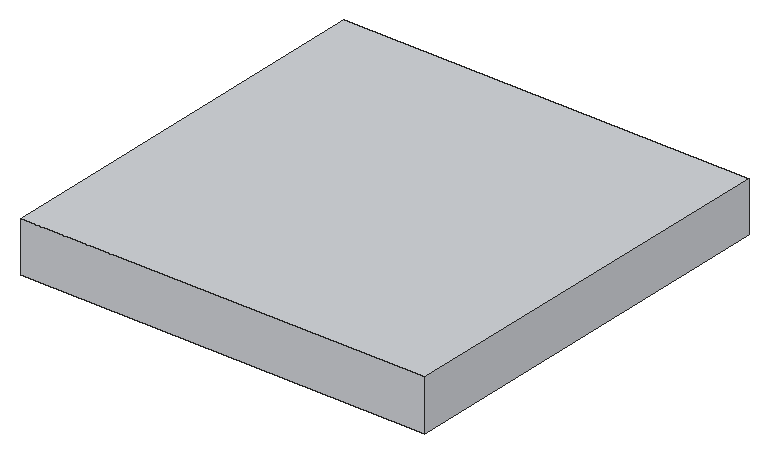
Revit family "C-76_RFA", category Aparatos sanitarios, Revit 2023
Family settings
  Anfitrión = Cara
  Cota de conector redondo = Usar diámetro
  Tipo de pieza = Normal
  Número OmniClass = 23.45.00.00
  Título OmniClass = Sanitary, Laundry, and Cleaning Equipment
  Activar corte en vistas = No
  Corte con vacíos al cargar = No
  Mantener orientación de anotación = No
  Compartido = Sí
  Punto de cálculo de habitación = Sí
Parameters (values of type "C-76")
  Ébano = "Ébano"
  URL = ""
  Type Image = C-76.png
  Cromo = "Cromo"
  Comentarios de tipo = "Juego de Manerales Cuadrados"
  Profundidad = 2.41"
  Operación = "Compatible con Valvex V con giro de 1/4 de vuelta.\r\nCompatible con Valvex I con giro de vuelta\r\ncompleta."
  Modelo = "C-76"
  Fabricante = "HELVEX S.A. DE C.V."
  Largo = 2.50"
  Garantía = "El producto HELVEX está garantizado como\r\nlibre de defectos en materiales, mano de obra y\r\nprocesos de fabricación.\r\nEl producto HELVEX está garantizado,en lo que\r\nse refiere a los acabados, por 10 años para los\r\nacabados Cromo y Duravex, y por 2 años en\r\nacabados diferentes al Cromo y Duravex.\r\nLas piezas que sufren desgaste natural en el\r\nproducto están garantizadas para uso\r\nresidencial por 5 años, y para uso comercial por\r\n3 años.\r\nLa vigencia de la garantía inicia a partir de la\r\nfecha de entrega del producto al consumidor\r\nindicada en la Póliza de Garantía."
  Descripción = "Juego de manerales cuadrados para ensambles de\r\ntaladros separados para lavabo, bidet, fregadero y\r\nemsambles de empotrar de lavabo, regadera y/o\r\ntina."
  Elevación por defecto = 48.00"
  Ancho = 2.50"
  Accesorios = "Llave Allen 5/64\""
Reference planes (in)
  plane 1 "Center (Front/Back)": y = 0
  plane 2: z = 0
  plane 3 "Center (Left/Right)": x = 0
Forms (in)
  Extrusion 1, solid
    sketch origin (0, 0, 0) x (1, 0, 0) y (0, 1, 0)
      loop
        line (-48, 48) -> (-48, -48) -> (48, -48) -> (48, 48) -> (-48, 48)
    from 0 to -12
Dimensions and locks (in)
  aligned and locked: plane 2 to Extrusion 1
  aligned and locked: level to Extrusion 1
